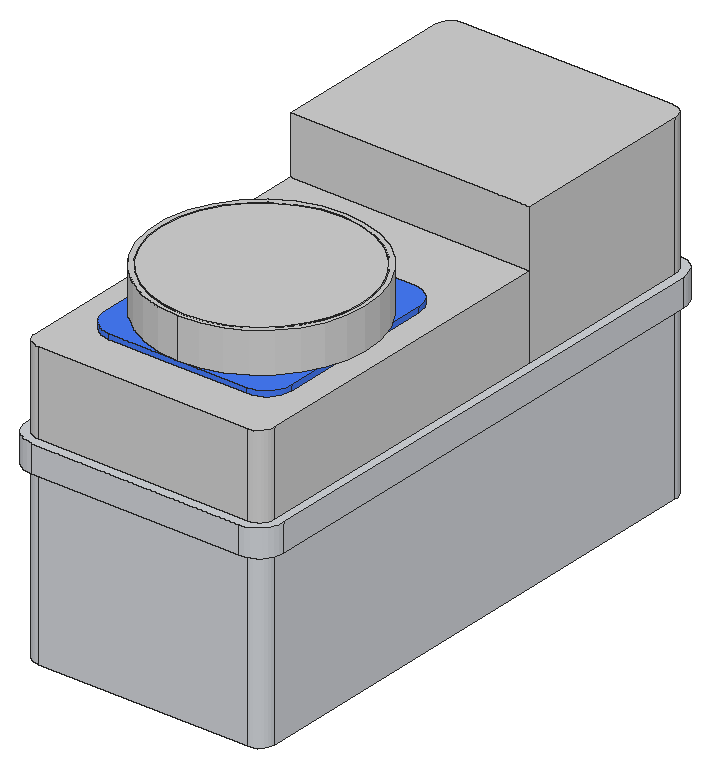
Revit family "Building-IEC309Connections-GEWISS-67IB-INTERLOCKED-SOCKET-OUTLETS_IP67_WITH_BOTTOM_24V", category Apparecchi elettrici, host Superficie, Revit 2019
Family settings
  Host = Superficie
  Mantenere orientamento annotazione = Sì
  Quota connettore circolare = Usa diametro
  Tipo di parte = Normale
  Taglio con vuoti quando caricato = Sì
  Condiviso = Sì
  Punto di calcolo locali = Sì
Parameters (values of type "GW66259N - 160VA 2P 230/24V V.INT.SOCK.O.W.B.SBF")
  presa = Grigio RAL - 7035
  giallo = 0 mm
  dist_piano [instance] = 75 mm
  With back-mounting box = "Yes"
  Vista_2d_pianta [instance] = yes
  Version file RFA = "21.8"
  URL = "https://www.gewiss.com/ww/en"
  Typology = "Vertical"
  Thermo-pressure with ball = "125 °C (IB socket) - 80 °C (bottom)"
  Technical sheet = "https://www.gewiss.com/ww/en/search?q=GW66259N"
  T2 = "24V"
  T1 = "230V"
  Struttura = Grigio RAL - 7035
  Simbolo presa = PRESAINDSTAGNA : 3P
  Simbolo [instance] = yes
  Simb_circuito [instance] = not(Simbolo)  # no
  Shock resistance = "IK08"
  SEO = "Socket outlet"
  Realized by GEWISS S.p.A. = ""
  Rated power = "160VA"
  Rated current (A) = "16"
  Protection = "Safety transformer"
  Default Elevation = 1219.2 mm
  Produttore = "GEWISS S.p.A."
  Product in stock = ""
  Output voltage = "20-25 V"
  Operating temperature: = "-25 +40 °C"
  No. of poles = "2P"
  Modello = "GW66259N"
  Immagine tipo = <Nessuno>
  IP degree = "IP67"
  IDT = "6291d3a6c8ec4742af7995575e50af9c"
  IDF = "b4925437-5f6c-45f6-9d27-3676919ecc66"
  Glow wire test: = "850 °C (IB socket) - 650 °C (bottom)"
  Frequency = "50Hz"
  Electrocod = "2222"
  Distanza x [instance] = 500 mm
  Distanza orizzontale simbolo [instance] = 0 mm
  Distanza effettiva x [instance] = 1500 mm - Distanza x  # 1000 mm
  Descrizione = "160VA 2P 230/24V V.INT.SOCK.O.W.B.SBF"
  Corpo presa = Light Blue
  Cornice simbolo [instance] = yes
  Colour: = "Violet"
  Catalogue = "BUILDING"
  COBie.Tagnumber = ""
  COBie.CreatedOn = ""
  COBie.CreatebBy = ""
  COBie.ComponentRegisterItemID = ""
  COBie.Component.TagNumber = ""
  COBie.Component.Space = ""
  COBie.Component.SerialNumber = ""
  COBie.Component.InstallationDate = ""
  COBie.Component.Description = ""
  COBie.Component.BarCode = ""
Reference planes
  plane 1 "Centro (Fronte/Retro)": y = 0
  plane 2: z = 0
  plane 3 "Centro (Sinistra/Destra)": x = 0
  plane 4: z = -2
  plane 5: x = -500
  plane 6: x = -1500
  plane 7: x = -500
  plane 8: through (-170.762, -4572, -38.353) normal (-0.6157, 0, 0.788)
Forms (mm)
  Extrusion 1, solid, detail levels coarse
    sketch origin (0, 0, 0) x (1, 0, 0) y (0, 1, 0)
      loop
        line (-51.5, 220) -> (-51.5, 0) -> (51.5, 0) -> (51.5, 220) -> (-51.5, 220)
    from 0 to 137
Lines and regions (mm)
  Masking region 1, visible <- "Vista_2d_pianta"
    outline origin (175.316, 0, 2.677) x (1, 0, 0) y (0, 0, 1)
      loop
        line (-226.816, -2.677) -> (-123.816, -2.677) -> (-123.816, 134.323) -> (-226.816, 134.323) -> (-226.816, -2.677)
Dimensions and locks
  locked: plane 2 to plane 4 at 2
  plane 6 to plane 5 = 1000 mm
  "Distanza effettiva x": plane 6 to plane 7
  angle plane 8 to plane 4 = 142.00°
  angle plane 7 to plane 8 = 128.00°
  aligned and locked: plane 2 to host face
  aligned and locked: level to host face
  aligned and locked: plane 7 to nested 1
  aligned and locked: plane 7 to nested 2
  aligned and locked: plane 1 "Centro (Fronte/Retro)" to nested 3
  aligned and locked: plane 3 "Centro (Sinistra/Destra)" to nested 3
  aligned and locked: Masking region 1 to nested 3  (x3)
  aligned and locked: Masking region 1 to host face
  aligned and locked: Extrusion 1 sketch curve to nested 3  (x3)
  aligned and locked: Extrusion 1 to nested 3
Automatic sketch dimensions
  host sketch curve to host sketch curve = 2438.4 mm  (x2)
  Masking region 1 sketch curve to plane 3 "Centro (Sinistra/Destra)" = 51.5 mm
  plane 3 "Centro (Sinistra/Destra)" to Masking region 1 sketch curve = 51.5 mm
  level to Masking region 1 sketch curve = 0 mm
  Masking region 1 sketch curve to Masking region 1 sketch curve = 137 mm
  plane 3 "Centro (Sinistra/Destra)" to Extrusion 1 sketch curve = 51.5 mm
Nested families
  nested 1: "simbolo_circuito" at (-500, 30.442, 0), Distanza dal muro <- "Distanza orizzontale simbolo", SIMBOLO ACCESO <- "Simb_circuito", type "3P"
    with SIMBOLO ACCESO no, Distanza dal muro 0 mm, BORDO ACCESO yes
  nested 2: "PRESAINDSTAGNA" at (-500, 23.722, 0), Distanza dal muro <- "Distanza orizzontale simbolo", type "3P"
    with Distanza dal muro 0 mm
  nested 3: "67IB PRESE INTERBLOC VERT 24V IP67_BASE" at (-51.5, 0, 0), type "67IB PRESE INTERBLOC VERT 24V IP67_BASE", detail levels medium+fine
Connectors
  electrical at (0, 110, 0)
    settings: on nested 3, index 1, voltage 0 V, apparent load 0 VA, apparent load phase1 0 VA, apparent load phase2 0 VA, apparent load phase3 0 VA, power factor 1, load classification "Altro", number of poles 1, system type 31, power factor state 1, is connector primary yes, connector utility no, sub classification motor no, connector description ""
Definition of nested family "67IB PRESE INTERBLOC VERT 24V IP67_BASE"
  Parameters (values of type "67IB PRESE INTERBLOC VERT 24V IP67_BASE")
    corpo presa = none
    Struttura = none
    Spessore = 30 mm
    Re = Raggio + 2 mm  # 42 mm
    Raggio = 40 mm
    Default Elevation = 14 mm
    Presa = none
    Larghezza = 103 mm
    IFC.TypeObject = ""
    IFC.ExportType = ""
    IFC.ExportAs = ""
    H_da terra = 586.883 mm
    DP = 0 mm
    COBie.CreatedOn = ""
    COBie.CreatebBy = ""
    COBie.ComponentRegisterItemID = ""
    COBie.Component.TagNumber = ""
    COBie.Component.Space = ""
    COBie.Component.SerialNumber = ""
    COBie.Component.InstallationDate = ""
    COBie.Component.Description = ""
    COBie.Component.BarCode = ""
    Altezza = 220 mm
  Reference planes
    plane 1 "Centro (Fronte/Retro)": y = 0
    plane 2: z = 0
    plane 3 "Centro (Sinistra/Destra)": x = 0
    plane 4: x = 103
    plane 5: y = 220
    plane 6: y = 216.384
    plane 7: x = 99.384
    plane 8: x = 3.616
    plane 9: y = 3.616
    plane 10: z = 81
    plane 11: y = 137.537
    plane 12: z = 137
    plane 13: z = 114
    plane 14: y = 104.865
    plane 15: x = 14
    plane 16: y = 21.126
    plane 17: x = 89
    plane 18: z = 116
    plane 19: z = 132
    plane 20: x = 51.5
    plane 21: y = 62.995
    plane 22: z = 70
    plane 23: z = 0
  Forms (mm)
    Extrusion 1, solid
      sketch origin (0, 0, 46) x (0, -1, 0) y (1, 0, 0)
        loop
          line (-210, 0) -> (-10, 0)
          arc (-10, 0) -> (-2.929, 2.929) -> (0, 10) r 10
          line (0, 10) -> (0, 93)
          arc (0, 93) -> (-2.929, 100.071) -> (-10, 103) r 10
          line (-10, 103) -> (-210, 103)
          arc (-210, 103) -> (-217.071, 100.071) -> (-220, 93) r 10
          line (-220, 93) -> (-220, 10)
          arc (-220, 10) -> (-217.071, 2.929) -> (-210, 0) r 10
        loop
          arc (-9.616, 3.616) -> (-5.373, 5.373) -> (-3.616, 9.616) r 6
          line (-3.616, 9.616) -> (-3.616, 93.384)
          arc (-3.616, 93.384) -> (-5.373, 97.627) -> (-9.616, 99.384) r 6
          line (-9.616, 99.384) -> (-210.384, 99.384)
          arc (-210.384, 99.384) -> (-214.627, 97.627) -> (-216.384, 93.384) r 6
          line (-216.384, 93.384) -> (-216.384, 9.989)
          arc (-216.384, 9.989) -> (-214.518, 5.482) -> (-210.011, 3.616) r 6.373
          line (-210.011, 3.616) -> (-9.616, 3.616)
      from 24 to 35
    Extrusion 2, solid, material <- "Struttura"
      sketch origin (0, 0, 46) x (0, -1, 0) y (1, 0, 0)
        loop
          line (-137.537, 99.384) -> (-137.537, 3.616) -> (-9.616, 3.616)
          arc (-9.616, 3.616) -> (-5.373, 5.373) -> (-3.616, 9.616) r 6
          line (-3.616, 9.616) -> (-3.616, 93.384)
          arc (-3.616, 93.384) -> (-5.373, 97.627) -> (-9.616, 99.384) r 6
          line (-9.616, 99.384) -> (-137.537, 99.384)
      from 35 to 68
    Extrusion 3, solid, material <- "Struttura"
      sketch origin (0, 0, 46) x (0, -1, 0) y (1, 0, 0)
        loop
          line (-137.537, 3.616) -> (-137.537, 99.384) -> (-210.384, 99.384)
          arc (-210.384, 99.384) -> (-214.627, 97.627) -> (-216.384, 93.384) r 6
          line (-216.384, 93.384) -> (-216.384, 9.616)
          arc (-216.384, 9.616) -> (-214.627, 5.373) -> (-210.384, 3.616) r 6
          line (-210.384, 3.616) -> (-137.537, 3.616)
      from 35 to 91
    Extrusion 4, solid, material <- "corpo presa"
      sketch origin (0, 0, 46) x (0, -1, 0) y (1, 0, 0)
        loop
          line (-94.865, 14) -> (-31.126, 14)
          arc (-31.126, 14) -> (-24.055, 16.929) -> (-21.126, 24) r 10
          line (-21.126, 24) -> (-21.126, 79)
          arc (-21.126, 79) -> (-24.055, 86.071) -> (-31.126, 89) r 10
          line (-31.126, 89) -> (-94.865, 89)
          arc (-94.865, 89) -> (-101.936, 86.071) -> (-104.865, 79) r 10
          line (-104.865, 79) -> (-104.865, 24)
          arc (-104.865, 24) -> (-101.936, 16.929) -> (-94.865, 14) r 10
      from 68 to 70
    Extrusion 5, solid, material <- "Presa"
      sketch origin (0, 0, 46) x (0, -1, 0) y (1, 0, 0)
        loop
          circle (-62.995, 51.5) r 40
        loop
          circle (-62.995, 51.5) r 42
      from 70 to 86
    Extrusion 6, solid, material <- "Presa"
      sketch origin (0, 0, 46) x (0, -1, 0) y (1, 0, 0)
        loop
          circle (-62.995, 51.5) r 40
      from 70 to 86
    Extrusion 7, solid
      sketch origin (0, 0, 46) x (0, -1, 0) y (1, 0, 0)
        loop
          arc (-9.616, 3.616) -> (-5.373, 5.373) -> (-3.616, 9.616) r 6
          line (-3.616, 9.616) -> (-3.616, 93.384)
          arc (-3.616, 93.384) -> (-5.373, 97.627) -> (-9.616, 99.384) r 6
          line (-9.616, 99.384) -> (-210.384, 99.384)
          arc (-210.384, 99.384) -> (-214.627, 97.627) -> (-216.384, 93.384) r 6
          line (-216.384, 93.384) -> (-216.384, 9.616)
          arc (-216.384, 9.616) -> (-214.627, 5.373) -> (-210.384, 3.616) r 6
          line (-210.384, 3.616) -> (-9.616, 3.616)
      from -46 to 24
  Dimensions and locks
    plane 3 "Centro (Sinistra/Destra)" to plane 4 = 103 mm
    plane 1 "Centro (Fronte/Retro)" to plane 5 = 220 mm
    locked: plane 7 to plane 4 at 3.616
    locked: plane 5 to plane 6 at 3.616
    locked: plane 3 "Centro (Sinistra/Destra)" to plane 8 at 3.616
    locked: plane 1 "Centro (Fronte/Retro)" to plane 9 at 3.616
    "Larghezza": plane 3 "Centro (Sinistra/Destra)" to plane 4
    "Altezza": plane 1 "Centro (Fronte/Retro)" to plane 5
    locked: plane 9 to plane 11 at 133.921
    locked: plane 1 "Centro (Fronte/Retro)" to plane 16 at 21.126
    locked: plane 16 to plane 14 at 83.739
    locked: plane 13 to plane 10 at 33
    locked: plane 18 to plane 13 at 2
    locked: plane 19 to plane 18 at 16
    locked: plane 12 to plane 10 at 56
    locked: plane 10 to plane 22 at 11
    locked: plane 22 to plane 23 at 70
    "DP": plane 23 to level
    radius of Extrusion 1 sketch curve = 10 mm  (x3)
    radius of Extrusion 1 sketch curve = 6.373 mm
    radius of Extrusion 1 sketch curve = 6 mm  (x2)
    radius of Extrusion 2 sketch curve = 6 mm  (x2)
    radius of Extrusion 3 sketch curve = 6 mm  (x2)
    radius of Extrusion 4 sketch curve = 10 mm  (x4)
    "Raggio": radius of Extrusion 5 sketch curve
    "Re": radius of Extrusion 5 sketch curve
    "Raggio": radius of Extrusion 6 sketch curve
    radius of Extrusion 7 sketch curve = 6 mm  (x4)
    aligned and locked: Extrusion 1 sketch curve to plane 3 "Centro (Sinistra/Destra)"
    aligned and locked: Extrusion 1 sketch curve to plane 8
    aligned and locked: Extrusion 1 sketch curve to plane 5
    aligned and locked: Extrusion 1 sketch curve to plane 6
    aligned and locked: Extrusion 1 sketch curve to plane 4
    aligned and locked: Extrusion 1 sketch curve to plane 7
    aligned and locked: Extrusion 1 sketch curve to plane 1 "Centro (Fronte/Retro)"
    aligned and locked: Extrusion 1 sketch curve to plane 9
    aligned and locked: plane 10 to Extrusion 1
    aligned and locked: Extrusion 2 sketch curve to plane 11
    aligned and locked: Extrusion 2 sketch curve to plane 8
    aligned and locked: Extrusion 2 sketch curve to plane 7
    aligned and locked: Extrusion 2 sketch curve to plane 9
    aligned and locked: Extrusion 3 sketch curve to plane 8
    aligned and locked: Extrusion 3 sketch curve to plane 7
    aligned and locked: Extrusion 3 sketch curve to plane 6
    aligned and locked: Extrusion 3 sketch curve to plane 11
    aligned and locked: plane 12 to Extrusion 3
    aligned and locked: plane 13 to Extrusion 2
    aligned and locked: Extrusion 4 sketch curve to plane 15
    aligned and locked: Extrusion 4 sketch curve to plane 16
    aligned and locked: Extrusion 4 sketch curve to plane 14
    aligned and locked: Extrusion 4 sketch curve to plane 17
    aligned and locked: Extrusion 4 to plane 13
    aligned and locked: Extrusion 4 to plane 18
    aligned and locked: Extrusion 5 to plane 18
    aligned and locked: Extrusion 5 to plane 19
    aligned and locked: Extrusion 6 to plane 18
    aligned and locked: Extrusion 6 to plane 19
    aligned and locked: Extrusion 1 to plane 22
    aligned and locked: Extrusion 2 to plane 10
    aligned and locked: Extrusion 3 to plane 10
    aligned and locked: Extrusion 7 sketch curve to plane 8
    aligned and locked: Extrusion 7 sketch curve to plane 6
    aligned and locked: Extrusion 7 sketch curve to plane 7
    aligned and locked: Extrusion 7 sketch curve to plane 9
    aligned and locked: Extrusion 7 to plane 22
    aligned and locked: Extrusion 7 to plane 23
  Automatic sketch dimensions
    Extrusion 1 sketch curve to plane 6 = 6 mm
    Extrusion 1 sketch curve to Extrusion 1 sketch curve = 0.384 mm
    Extrusion 5 sketch curve to Extrusion 5 sketch curve = 0 mm  (x2)
    Extrusion 5 sketch curve to plane 20 = 0 mm
    plane 21 to Extrusion 5 sketch curve = 0 mm
    Extrusion 6 sketch curve to plane 20 = 0 mm
    plane 21 to Extrusion 6 sketch curve = 0 mm
Definition of nested family "simbolo_circuito"
  Parameters (values of type "3P")
    SIMBOLO ACCESO [instance] = yes
    SIMBOLO = PRESAINDSTAGNA_BASE : 3P
    Distanza dal muro [instance] = 0 mm
    BORDO ACCESO [instance] = yes
  Reference planes
    plane 1: y = 0
    plane 2: x = 0
  Dimensions and locks
    "Distanza dal muro": plane 1 to nested 1
    aligned and locked: plane 2 to nested 1
  Nested families
    nested 1: "simb_base_di circuito" at (0, 0, 0), visible <- "SIMBOLO ACCESO", type "3P"
      with CORNICE SIMBOLO yes
  Definition of nested family "simb_base_di circuito"
    Parameters (values of type "3P")
      CORNICE SIMBOLO [instance] = yes
      3P = yes
    Types (2, lengths in mm): name | 3P
      3P | yes
      2P | no
    Reference planes
      plane 1: y = 0
      plane 2: x = 0
    Lines and regions (mm)
      detail lines, not visible
        curve 1: line (-2.443, 10.208, 0) -> (2.057, 10.208, 0)
        curve 2: line (2.057, 10.208, 0) -> (2.057, 4.208, 0)
        curve 3: line (2.057, 4.208, 0) -> (-2.443, 4.208, 0)
        curve 4: line (-2.443, 4.208, 0) -> (-2.443, 10.208, 0)
        curve 5: line (-2.043, 9.808, 0) -> (1.657, 9.808, 0)
        curve 6: line (1.657, 9.808, 0) -> (1.657, 4.608, 0)
        curve 7: line (1.657, 4.608, 0) -> (-2.043, 4.608, 0)
        curve 8: line (-2.043, 4.608, 0) -> (-2.043, 9.808, 0)
    Dimensions and locks
      aligned and locked: import instance to plane 2
      aligned and locked: plane 1 to import instance
Definition of nested family "PRESAINDSTAGNA"
  Parameters (values of type "3P")
    t2 = ""
    t1 = ""
    Distanza dal muro [instance] = 10 mm
  Reference planes
    plane 1: y = 0
    plane 2: x = 0
  Dimensions and locks
    "Distanza dal muro": plane 1 to nested 1
    aligned and locked: plane 2 to nested 1
  Nested families
    nested 1: "simb_b" at (0, 10, 0), type "2P"
  Definition of nested family "simb_b"
    Parameters (values of type "3P")
      t2 = ""
      Testo = ""
      CORNICE SIMBOLO [instance] = yes
      3P = yes
    Types (2, lengths in mm): name | 3P
      3P | yes
      2P | no
    Reference planes
      plane 1: y = 0
      plane 2: x = 0
    Lines and regions (mm)
      detail lines, not visible
        curve 1: line (-2.443, 10.208, 0) -> (2.057, 10.208, 0)
        curve 2: line (2.057, 10.208, 0) -> (2.057, 4.208, 0)
        curve 3: line (2.057, 4.208, 0) -> (-2.443, 4.208, 0)
        curve 4: line (-2.443, 4.208, 0) -> (-2.443, 10.208, 0)
        curve 5: line (-2.043, 9.808, 0) -> (1.657, 9.808, 0)
        curve 6: line (1.657, 9.808, 0) -> (1.657, 4.608, 0)
        curve 7: line (1.657, 4.608, 0) -> (-2.043, 4.608, 0)
        curve 8: line (-2.043, 4.608, 0) -> (-2.043, 9.808, 0)
      detail lines
        curve 9: circle (0.312, 4.751, 0) r 0.074 normal (0, 0, 1)
        curve 10: arc (0.447, 0.778, 0) -> (0, 1.225, 0) -> (-0.447, 0.778, 0) r 0.447
        curve 11: line (-0.312, 4.688, 0) -> (0.312, 4.959, 0)
        curve 12: line (-0.312, 4.481, 0) -> (0.312, 4.751, 0)
        curve 13: line (-0.447, 1.225, 0) -> (0.447, 1.225, 0)
        curve 14: line (0, 2.302, 0) -> (0, 1.225, 0)
        curve 15: line (0, 5.167, 0) -> (0, 3.862, 0)
        curve 16: circle (0, 3.381, 0) r 0.48 normal (0, 0, 1)
        curve 17: circle (0, 2.783, 0) r 0.48 normal (0, 0, 1)
    Text (mm)
      label "Testo" at (-0.037, 5.499, 0), shows "Testo"
      label "t2" at (-0.037, 0.723, 0), shows "t2"
